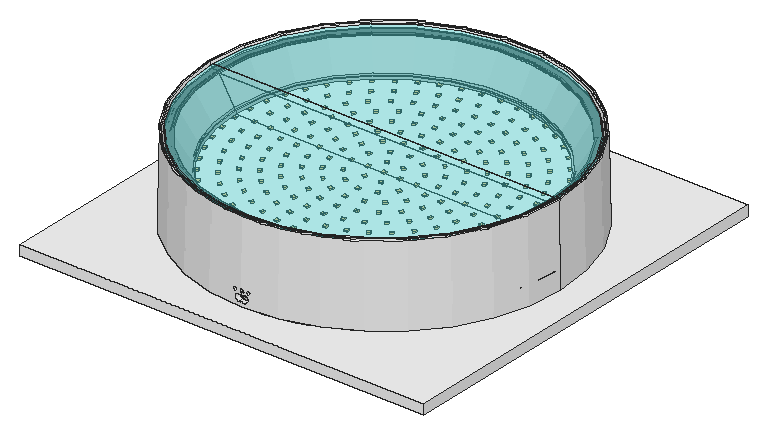
Revit family "BE_24649_de_DE", category Leuchten, Revit 2020
Family settings
  Basisbauteil = Fläche
  Bemaßung runder Anschluss = Durchmesser verwenden
  Teiletyp = Normal
  Beim Laden mit Abzugskörper schneiden = Ja
  Lichtquelle = Ja
  Gemeinsam genutzt = Nein
  Raumberechnungspunkt = Ja
Parameters (values of type "BEGA_24649_Weiß_K4")
  built-in parameter 1150104 = 17.299 (stored number, unit not read)
  Wattage = 37.7 W
  Default Elevation = 0 mm
  built-in parameter 1150113 = 1 (stored number, unit not read)
  built-in parameter 1114218 = 1 (stored number, unit not read)
  Umgebungstemperatur = "25 °C"
  URL = "https://www.bega.com/de/produkt/24649"
  Typenkommentare = "© 2022 BEGA. Wir behalten uns das Recht vor, technische Änderungen ohne vorherige Ankündigung vorzunehmen."  # constant formula
  built-in parameter 1150134 = 12
  built-in parameter 1150109 = 1 (stored number, unit not read)
  Strom = ""
  built-in parameter 1150110 = 1 (stored number, unit not read)
  Spannung = 239.996 V
  Sonderanfertigung = no
  Seriennummer [instance] = "Hier können Sie die eindeutige Seriennummer für das Facility Management eintragen."
  Schutzklasse = "I"
  Schutzart = "IP 65"
  Scheinlast = 0 VA
  Produktdatenblatt = "https://cdn.bega.com/bega/products/24649K4/current/documents/data-sheets/de"
  Oberflächentemperatur = ""
  Neigungswinkel = 0.00°
  Modell = "24649WK4"
  Material_20 = BEGA_Platte_Weiss
  Material_18 = BEGA_Gummi_schwarz
  Material_17 = BEGA_Reflektor
  Material_15 = BEGA_Leuchtmedium_matt
  Material_09 = BEGA_Glas_klar
  Material_06 = BEGA_Oberfläche_Edelstahl_gebürstet
  Material_03 = BEGA_Oberfläche_Weiss_matt
  Material_01 [instance] = BEGA_Oberfläche_Grafit_matt
  M_W = yes
  M_G = no
  M_A = no
  Logo = 0
  built-in parameter 1114217 = 1 (stored number, unit not read)
  built-in parameter 1150139 = (empty or 0)
  built-in parameter 1150105 = 558.64 (stored number, unit not read)
  built-in parameter 1150114 = 1 (stored number, unit not read)
  Lumens = 7020.12 lm
  built-in parameter 1150115 = 1 (stored number, unit not read)
  Leuchtenlichtstrom = "5721 lm"
  Leuchtenanzahl = ""
  Lebensdauerkriterien = "L70B50 @ 25 °C = 150000 h"
  Lastklassifizierung = Beleuchtung
  built-in parameter 1150112 = 1 (stored number, unit not read)
  Lampenlichtstrom = "7020 lm"
  Lampe = "LED 37.7 W"
  LED_Modulbezeichnung = "LED-1233/830"
  built-in parameter 1150142 = (empty or 0)
  Hersteller = "BEGA"  # constant formula
  Halbstreuwinkel = ""
  Gewicht = "4.75 kg"
  Gebrauchslageneinschränkung [instance] = ""
  Frequenz = "0/50-60 Hz"
  Farbwiedergabeindex = "CRI > 80"
  Farbtemperaturverschiebung bei Dämpfen der Lampe = <Keine Auswahl>
  Farbtemperatur = "4000 K"
  Color Filter = 16777215
  built-in parameter 1150133 = 10 (stored number, unit not read)
  Energieeffizienzklasse = "LED A++ - A"
  built-in parameter 1150137 = (empty or 0)
  built-in parameter 1150132 = (empty or 0)
  ENEC = ""
  Dimmbar [instance] = "DALI"
  Datei für fotometrisches Netz = "BE_24649K4.IES"
  CE_Konformität = "ja"
  Bestellnummer = "24649WK4"
  Beschreibung_Sonderanfertigung = "Hier können Sie Informationen zur Sonderanfertigung eintragen."
  Beschreibung = "Decken- und Wandleuchte"
  built-in parameter 1150106 = 5.5864 (stored number, unit not read)
  Befestigungsbohrung = "Ø 7 mm"
  Befestigungsabstand = "310 mm"
  Ballwurfsicher = ""
  BEGA_Intern_aus = yes
  BEGA_Intern_an = yes
  BEGA_Intern_Konstruktion = yes
  BEGA_Intern = yes
  BEGA_IES = yes
  BEGA_Dummy = no
  Anschlussleitung = ""
  Anschlussleistung [instance] = "41 W"
  Anschlusskasten = ""
  built-in parameter 1150107 = 4000 (stored number, unit not read)
  built-in parameter 1150102 = (empty or 0)
  built-in parameter 1150138 = (empty or 0)
  Aktualisierung = "2022-05-18T04:00:07"
  Abstand_zur_angestrahlten_Fläche [instance] = ""
  AC/DC = "AC/DC"
Reference planes
  plane 1 "Mitte (Vorne/Hinten)": y = 0
  plane 2: z = 0
  plane 3 "Mitte (Links/Rechts)": x = 0
  plane 4 "Links": x = -175.25
  plane 5 "Rechts": x = 175.25
  plane 6 "Unten": y = -175.25
  plane 7 "Oben": y = 175.25
  plane 8 "Vorne": z = 84.1
  plane 9 "Hinten": z = 0
Forms (mm)
  Extrusion 1, solid, material "BEGA_Platte_Weiss"
    sketch origin (0, -1119.2, 0) x (1, 0, 0) y (0, 1, 0)
      loop
        line (-200, 1319.2) -> (-200, 919.2) -> (200, 919.2) -> (200, 1319.2) -> (-200, 1319.2)
    from 0 to -10
  Extrusion 2, solid, material "BEGA_Dummy_matt", visible <- "BEGA_Dummy"
    sketch origin (77.149, -76.023, -2.183) x (1, 0, 0) y (0, 1, 0)
      loop
        circle (-77.149, 76.023) r 175.25
    from 2.283 to 86.283
Dimensions and locks
  plane 1 "Mitte (Vorne/Hinten)" to Extrusion 1 = 200 mm
  aligned and locked: Extrusion 1 to plane 2
  aligned and locked: level to Extrusion 1
Nested families
  nested 1: "BE_24649" at (0, 0, 0), type "BE_24649"
Connectors
  electrical at (0, 0, 0), driven by "Lastklassifizierung", driven by "Spannung", driven by "Scheinlast"
    settings: index 1, voltage 239.996 V, apparent load 0 VA, apparent load phase1 0 VA, apparent load phase2 0 VA, apparent load phase3 0 VA, power factor 1, load classification "Beleuchtung", number of poles 1, system type 31, power factor state 1, is connector primary yes, connector utility no, sub classification motor no, connector description ""
Definition of nested family "BE_24649"
  Parameters (values of type "BE_24649")
    Default Elevation = 1 mm
    URL = "http://www.bega.de/de/produkt"
    Type Comments = "© 2015 BEGA. Wir behalten uns das Recht vor, technische Änderungen ohne vorherige Ankündigung vorzunehmen. "  # constant formula
    Type Image = (empty or 0)
    Neigungswinkel_um_Z2 = 0.00°
    Neigungswinkel_um_Z1 = 0.00°
    Neigungswinkel_um_Y2 = 0.00°
    Neigungswinkel_um_Y1 = 0.00°
    Neigungswinkel_um_X2 = 0.00°
    Neigungswinkel_um_X1 = 0.00°
    Material_20 = none
    Material_18 = none
    Material_17 = none
    Material_15 = none
    Material_11 = none
    Material_09 = none
    Material_06 = none
    Material_03 = none
    Material_01 = none
    M_W = yes
    M_G = yes
    M_A = yes
    Länge_Platte = 400 mm  # constant formula
    Höhe_Platte = -10 mm  # constant formula
    Manufacturer = "BEGA"  # constant formula
    Drehwinkel_um_Z2 = 0.00°
    Drehwinkel_um_Z1 = 0.00°
    Breite_Platte = 400 mm  # constant formula
  Reference planes
    plane 1 "Mitte (Oben/Unten)": y = 0
    plane 2: z = 0
    plane 3 "Mitte (Links/Rechts)": x = 0
  Forms (mm)
    Extrusion 1, solid, detail levels medium
      sketch origin (0, 0, 0) x (1, 0, 0) y (0, 1, 0)
        loop
          line (-200, 200) -> (-200, -200) -> (200, -200) -> (200, 200) -> (-200, 200)
      from 0 to -10 <- "Höhe_Platte"
    Revolve 2, solid, material <- "Material_01", visible <- "M_G"
      sketch origin (0, 0, 0) x (1, 0, 0) y (0, 0, 1)
        loop
          line (-174.009, 83.61) -> (-175.396, 4.114) -> (-171.537, 4.114)
          arc (-171.537, 4.114) -> (-171.168, 4.263) -> (-171.006, 4.627) r 0.532
          line (-171.006, 4.627) -> (-170.5, 19.114) -> (-170.5, 20.614) -> (-169.25, 20.614)
          arc (-169.25, 20.614) -> (-168.896, 20.76) -> (-168.75, 21.114) r 0.5
          line (-168.75, 21.114) -> (-168.75, 22.614) -> (-168.5, 30.811) -> (-168.5, 76.914) -> (-165.2, 76.914) -> (-165.259, 78.614) -> (-170.5, 78.614) -> (-170.539, 79.72) -> (-171.981, 83.683)
          arc (-171.981, 83.683) -> (-172.221, 83.996) -> (-172.596, 84.114) r 0.654
          line (-172.596, 84.114) -> (-173.496, 84.114)
          arc (-173.496, 84.114) -> (-173.856, 83.967) -> (-174.009, 83.61) r 0.513
        axis (0, 84.114) -> (0, 4.114)
      angle from 0 to 360
    Revolve 3, solid, material <- "Material_09"
      sketch origin (0, 0, 0) x (1, 0, 0) y (0, 0, 1)
        loop
          line (0, 83.124) -> (-169.408, 83.124) -> (-170, 82.532) -> (-170, 79.114) -> (-164.5, 79.114) -> (-164.5, 77.096) -> (0, 77.096) -> (0, 83.124)
        axis (0, 83.124) -> (0, 77.096)
      angle from 0 to 360
    Revolve 4, solid, material <- "Material_01", visible <- "M_G"
      sketch origin (0, 0, 0) x (1, 0, 0) y (0, 0, 1)
        loop
          line (-169.587, 1) -> (-167.551, 1)
          arc (-167.551, 1) -> (-166.857, 1.28) -> (-166.552, 1.963) r 1
          line (-166.552, 1.963) -> (-166.479, 4.036)
          arc (-166.479, 4.036) -> (-166.174, 4.72) -> (-165.48, 5) r 1
          line (-165.48, 5) -> (0, 5) -> (0, 8) -> (-160.237, 8)
          arc (-160.237, 8) -> (-160.931, 8.28) -> (-161.236, 8.964) r 1
          line (-161.236, 8.964) -> (-161.527, 17.289)
          arc (-161.527, 17.289) -> (-161.673, 17.775) -> (-162.039, 18.127) r 1
          arc (-162.039, 18.127) -> (-162.405, 18.478) -> (-162.551, 18.963) r 1
          line (-162.551, 18.963) -> (-162.693, 23.034)
          arc (-162.693, 23.034) -> (-162.998, 23.719) -> (-163.693, 24) r 1
          line (-163.693, 24) -> (-165.807, 24)
          arc (-165.807, 24) -> (-166.684, 23.481) -> (-166.651, 22.463) r 1
          arc (-166.651, 22.463) -> (-164.359, 19.525) -> (-167.1, 17) r 2.75
          line (-167.1, 17) -> (-169.029, 17) -> (-169.587, 1)
        axis (0, 24) -> (0, 1)
      angle from 0 to 360
    Revolve 5, solid, material <- "Material_17"
      sketch origin (0, 0, 0) x (1, 0, 0) y (0, 0, 1)
        loop
          line (-162.923, 77.096) -> (-164.087, 77.096) -> (-148.75, 51.319) -> (-148.75, 49.314) -> (-154.5, 49.314) -> (-154.5, 48.314) -> (-147.25, 48.314) -> (-146.5, 47.314) -> (-146.5, 49.814) -> (-148, 49.814) -> (-148, 52.014) -> (-162.923, 77.096)
        axis (0, 77.096) -> (0, 47.314)
      angle from 0 to 360
    Revolve 6, solid, material <- "Material_20"
      sketch origin (0, 0, 0) x (1, 0, 0) y (0, 0, 1)
        loop
          line (-167, 45.014) -> (-167, 42.014) -> (0, 42.014) -> (0, 46.564) -> (-156.668, 46.564) -> (-156.668, 45.014) -> (-167, 45.014)
        axis (0, 46.564) -> (0, 42.014)
      angle from 0 to 360
    Revolve 7, solid, material <- "Material_18"
      sketch origin (0, 0, 0) x (1, 0, 0) y (0, 0, 1)
        loop
          arc (-170.15, 20.614) -> (-169.689, 18.215) -> (-167.5, 17.129) r 2.75
          arc (-167.5, 17.129) -> (-165.555, 17.935) -> (-164.75, 19.879) r 2.75
          arc (-164.75, 19.879) -> (-166.064, 22.225) -> (-168.75, 22.329) r 2.75
          line (-168.75, 22.329) -> (-168.75, 21.114)
          arc (-168.75, 21.114) -> (-168.896, 20.76) -> (-169.25, 20.614) r 0.5
          line (-169.25, 20.614) -> (-170.15, 20.614)
        axis (0, 22.329) -> (0, 17.129)
      angle from 0 to 360
    Revolve 8, solid, material <- "Material_18"
      sketch origin (0, 0, 0) x (1, 0, 0) y (0, 0, 1)
        loop
          line (-170, 79.114) -> (-170, 78.309) -> (-162.999, 78.309) -> (-162.999, 79.114) -> (-170, 79.114)
        axis (0, 79.114) -> (0, 78.114)
      angle from 0 to 360
    Extrusion 9, solid, material <- "Material_01", visible <- "M_G"
      sketch origin (0, 0, 0) x (1, 0, 0) y (0, 1, 0)
        loop
          circle (-155, 0) r 7.009
        loop
          circle (155, 0) r 7.009
      from 0 to 5
    Extrusion 10, void
      sketch origin (0, 0, 0) x (1, 0, 0) y (0, 1, 0)
        loop
          circle (-155, 0) r 3.454
        loop
          circle (155, 0) r 3.454
      from 0 to 8.915
    Revolve 11, void
      sketch origin (0, 0, 0) x (0, 1, 0) y (0, 0, 1)
        loop
          line (-177.169, 18.614) -> (-173.187, 18.614) -> (-173.187, 20.114) -> (-177.169, 20.114) -> (-177.169, 18.614)
        axis (-177.169, 18.614) -> (-173.187, 18.614)
      angle from 0 to 360
    Revolve 12, void
      sketch origin (6.5, 0, 0) x (0, 1, 0) y (0, 0, 1)
        loop
          line (-177.169, 18.614) -> (-173.187, 18.614) -> (-173.187, 20.114) -> (-177.169, 20.114) -> (-177.169, 18.614)
        axis (-177.169, 18.614) -> (-173.187, 18.614)
      angle from 0 to 360
    Revolve 13, void
      sketch origin (-6.5, 0, 0) x (0, 1, 0) y (0, 0, -1)
        loop
          line (-177.169, -18.614) -> (-177.169, -20.114) -> (-173.187, -20.114) -> (-173.187, -18.614) -> (-177.169, -18.614)
        axis (-177.169, -18.614) -> (-173.187, -18.614)
      angle from 0 to 360
    Extrusion 14, void
      sketch origin (0, 0, 0) x (1, 0, 0) y (0, 0, 1)
        loop
          line (3.25, 15.114) -> (-3.25, 15.114)
          arc (-3.25, 15.114) -> (-6.5, 11.864) -> (-3.25, 8.614) r 3.25
          line (-3.25, 8.614) -> (3.25, 8.614)
          arc (3.25, 8.614) -> (6.5, 11.864) -> (3.25, 15.114) r 3.25
      from 169.833 to 176.784
    Extrusion 15, solid, material <- "Material_06"
      sketch origin (0, 0, 0) x (1, 0, 0) y (0, 0, 1)
        loop
          circle (0, 11.864) r 3
      from 160.709 to 170.413
    Extrusion 16, void
      sketch origin (0, 0, 0) x (1, 0, 0) y (0, 0, 1)
        loop
          line (0, 13.864) -> (-1.732, 12.864) -> (-1.732, 10.864) -> (0, 9.864) -> (1.732, 10.864) -> (1.732, 12.864) -> (0, 13.864)
      from 165.139 to 173.187
    Extrusion 17, void
      sketch origin (0, 0, 0) x (1, 0, 0) y (0, 0, 1)
        loop
          circle (0, 11.864) r 3
      from 148.034 to 173.187
    Extrusion 18, solid, material <- "Material_15"
      sketch origin (0, 0, 0) x (1, 0, 0) y (0, 1, 0)
        loop
          line (-1.6, 1.4) -> (-1.6, -1.4) -> (1.6, -1.4) -> (1.6, 1.4) -> (-1.6, 1.4)
      from 45.014 to 47.244
    Extrusion 19, solid, material <- "Material_15"
      sketch origin (0, 0, 0) x (1, 0, 0) y (0, 1, 0)
        loop
          line (-17.4, -1.6) -> (-14.6, -1.6) -> (-14.6, 1.6) -> (-17.4, 1.6) -> (-17.4, -1.6)
        loop
          line (-33.4, -1.6) -> (-30.6, -1.6) -> (-30.6, 1.6) -> (-33.4, 1.6) -> (-33.4, -1.6)
        loop
          line (-29.725, 15.314) -> (-27.3, 13.914) -> (-25.7, 16.686) -> (-28.125, 18.086) -> (-29.725, 15.314)
      from 45.014 to 47.314
    Extrusion 20, solid, material <- "Material_15"
      sketch origin (0, 0, 0) x (0.5, -0.866025, 0) y (0.866025, 0.5, 0)
        loop
          line (-17.4, -1.6) -> (-14.6, -1.6) -> (-14.6, 1.6) -> (-17.4, 1.6) -> (-17.4, -1.6)
        loop
          line (-33.4, -1.6) -> (-30.6, -1.6) -> (-30.6, 1.6) -> (-33.4, 1.6) -> (-33.4, -1.6)
        loop
          line (-29.725, 15.314) -> (-27.3, 13.914) -> (-25.7, 16.686) -> (-28.125, 18.086) -> (-29.725, 15.314)
      from 45.014 to 47.314
    Extrusion 21, solid, material <- "Material_15"
      sketch origin (0, 0, 0) x (-0.5, -0.866026, 0) y (0.866026, -0.5, 0)
        loop
          line (-17.4, -1.6) -> (-14.6, -1.6) -> (-14.6, 1.6) -> (-17.4, 1.6) -> (-17.4, -1.6)
        loop
          line (-33.4, -1.6) -> (-30.6, -1.6) -> (-30.6, 1.6) -> (-33.4, 1.6) -> (-33.4, -1.6)
        loop
          line (-29.725, 15.314) -> (-27.3, 13.914) -> (-25.7, 16.686) -> (-28.125, 18.086) -> (-29.725, 15.314)
      from 45.014 to 47.314
    Extrusion 22, solid, material <- "Material_15"
      sketch origin (0, 0, 0) x (-1, -0.000001, 0) y (0.000001, -1, 0)
        loop
          line (-17.4, -1.6) -> (-14.6, -1.6) -> (-14.6, 1.6) -> (-17.4, 1.6) -> (-17.4, -1.6)
        loop
          line (-33.4, -1.6) -> (-30.6, -1.6) -> (-30.6, 1.6) -> (-33.4, 1.6) -> (-33.4, -1.6)
        loop
          line (-29.725, 15.314) -> (-27.3, 13.914) -> (-25.7, 16.686) -> (-28.125, 18.086) -> (-29.725, 15.314)
      from 45.014 to 47.314
    Extrusion 23, solid, material <- "Material_15"
      sketch origin (0, 0, 0) x (-0.500001, 0.866025, 0) y (-0.866025, -0.500001, 0)
        loop
          line (-17.4, -1.6) -> (-14.6, -1.6) -> (-14.6, 1.6) -> (-17.4, 1.6) -> (-17.4, -1.6)
        loop
          line (-33.4, -1.6) -> (-30.6, -1.6) -> (-30.6, 1.6) -> (-33.4, 1.6) -> (-33.4, -1.6)
        loop
          line (-29.725, 15.314) -> (-27.3, 13.914) -> (-25.7, 16.686) -> (-28.125, 18.086) -> (-29.725, 15.314)
      from 45.014 to 47.314
    Extrusion 24, solid, material <- "Material_15"
      sketch origin (0, 0, 0) x (0.499999, 0.866026, 0) y (-0.866026, 0.499999, 0)
        loop
          line (-17.4, -1.6) -> (-14.6, -1.6) -> (-14.6, 1.6) -> (-17.4, 1.6) -> (-17.4, -1.6)
        loop
          line (-33.4, -1.6) -> (-30.6, -1.6) -> (-30.6, 1.6) -> (-33.4, 1.6) -> (-33.4, -1.6)
        loop
          line (-29.725, 15.314) -> (-27.3, 13.914) -> (-25.7, 16.686) -> (-28.125, 18.086) -> (-29.725, 15.314)
      from 45.014 to 47.314
    Extrusion 25, solid, material <- "Material_15"
      sketch origin (0, 0, 0) x (1, 0, 0) y (0, 1, 0)
        loop
          line (-1.6, 49.4) -> (-1.6, 46.6) -> (1.6, 46.6) -> (1.6, 49.4) -> (-1.6, 49.4)
      from 45.014 to 47.244
    Extrusion 26, solid, material <- "Material_15"
      sketch origin (0, 0, 0) x (0.939693, -0.34202, 0) y (0.34202, 0.939693, 0)
        loop
          line (-1.6, 49.4) -> (-1.6, 46.6) -> (1.6, 46.6) -> (1.6, 49.4) -> (-1.6, 49.4)
      from 45.014 to 47.244
    Extrusion 27, solid, material <- "Material_15"
      sketch origin (0, 0, 0) x (0.766044, -0.642788, 0) y (0.642788, 0.766044, 0)
        loop
          line (-1.6, 49.4) -> (-1.6, 46.6) -> (1.6, 46.6) -> (1.6, 49.4) -> (-1.6, 49.4)
      from 45.014 to 47.244
    Extrusion 28, solid, material <- "Material_15"
      sketch origin (0, 0, 0) x (0.5, -0.866025, 0) y (0.866025, 0.5, 0)
        loop
          line (-1.6, 49.4) -> (-1.6, 46.6) -> (1.6, 46.6) -> (1.6, 49.4) -> (-1.6, 49.4)
      from 45.014 to 47.244
    Extrusion 29, solid, material <- "Material_15"
      sketch origin (0, 0, 0) x (0.173648, -0.984808, 0) y (0.984808, 0.173648, 0)
        loop
          line (-1.6, 49.4) -> (-1.6, 46.6) -> (1.6, 46.6) -> (1.6, 49.4) -> (-1.6, 49.4)
      from 45.014 to 47.244
    Extrusion 30, solid, material <- "Material_15"
      sketch origin (0, 0, 0) x (-0.173648, -0.984808, 0) y (0.984808, -0.173648, 0)
        loop
          line (-1.6, 49.4) -> (-1.6, 46.6) -> (1.6, 46.6) -> (1.6, 49.4) -> (-1.6, 49.4)
      from 45.014 to 47.244
    Extrusion 31, solid, material <- "Material_15"
      sketch origin (0, 0, 0) x (-0.5, -0.866025, 0) y (0.866025, -0.5, 0)
        loop
          line (-1.6, 49.4) -> (-1.6, 46.6) -> (1.6, 46.6) -> (1.6, 49.4) -> (-1.6, 49.4)
      from 45.014 to 47.244
    Extrusion 32, solid, material <- "Material_15"
      sketch origin (0, 0, 0) x (-0.766045, -0.642787, 0) y (0.642787, -0.766045, 0)
        loop
          line (-1.6, 49.4) -> (-1.6, 46.6) -> (1.6, 46.6) -> (1.6, 49.4) -> (-1.6, 49.4)
      from 45.014 to 47.244
    Extrusion 33, solid, material <- "Material_15"
      sketch origin (0, 0, 0) x (-0.939693, -0.34202, 0) y (0.34202, -0.939693, 0)
        loop
          line (-1.6, 49.4) -> (-1.6, 46.6) -> (1.6, 46.6) -> (1.6, 49.4) -> (-1.6, 49.4)
      from 45.014 to 47.244
    Extrusion 34, solid, material <- "Material_15"
      sketch origin (0, 0, 0) x (-1, 0, 0) y (0, -1, 0)
        loop
          line (-1.6, 49.4) -> (-1.6, 46.6) -> (1.6, 46.6) -> (1.6, 49.4) -> (-1.6, 49.4)
      from 45.014 to 47.244
    Extrusion 35, solid, material <- "Material_15"
      sketch origin (0, 0, 0) x (-0.939692, 0.342021, 0) y (-0.342021, -0.939692, 0)
        loop
          line (-1.6, 49.4) -> (-1.6, 46.6) -> (1.6, 46.6) -> (1.6, 49.4) -> (-1.6, 49.4)
      from 45.014 to 47.244
    Extrusion 36, solid, material <- "Material_15"
      sketch origin (0, 0, 0) x (-0.766044, 0.642788, 0) y (-0.642788, -0.766044, 0)
        loop
          line (-1.6, 49.4) -> (-1.6, 46.6) -> (1.6, 46.6) -> (1.6, 49.4) -> (-1.6, 49.4)
      from 45.014 to 47.244
    Extrusion 37, solid, material <- "Material_15"
      sketch origin (0, 0, 0) x (-0.499999, 0.866026, 0) y (-0.866026, -0.499999, 0)
        loop
          line (-1.6, 49.4) -> (-1.6, 46.6) -> (1.6, 46.6) -> (1.6, 49.4) -> (-1.6, 49.4)
      from 45.014 to 47.244
    Extrusion 38, solid, material <- "Material_15"
      sketch origin (0, 0, 0) x (-0.173648, 0.984808, 0) y (-0.984808, -0.173648, 0)
        loop
          line (-1.6, 49.4) -> (-1.6, 46.6) -> (1.6, 46.6) -> (1.6, 49.4) -> (-1.6, 49.4)
      from 45.014 to 47.244
    Extrusion 39, solid, material <- "Material_15"
      sketch origin (0, 0, 0) x (0.173649, 0.984808, 0) y (-0.984808, 0.173649, 0)
        loop
          line (-1.6, 49.4) -> (-1.6, 46.6) -> (1.6, 46.6) -> (1.6, 49.4) -> (-1.6, 49.4)
      from 45.014 to 47.244
    Extrusion 40, solid, material <- "Material_15"
      sketch origin (0, 0, 0) x (0.500001, 0.866025, 0) y (-0.866025, 0.500001, 0)
        loop
          line (-1.6, 49.4) -> (-1.6, 46.6) -> (1.6, 46.6) -> (1.6, 49.4) -> (-1.6, 49.4)
      from 45.014 to 47.244
    Extrusion 41, solid, material <- "Material_15"
      sketch origin (0, 0, 0) x (0.766045, 0.642787, 0) y (-0.642787, 0.766045, 0)
        loop
          line (-1.6, 49.4) -> (-1.6, 46.6) -> (1.6, 46.6) -> (1.6, 49.4) -> (-1.6, 49.4)
      from 45.014 to 47.244
    Extrusion 42, solid, material <- "Material_15"
      sketch origin (0, 0, 0) x (0.939693, 0.342019, 0) y (-0.342019, 0.939693, 0)
        loop
          line (-1.6, 49.4) -> (-1.6, 46.6) -> (1.6, 46.6) -> (1.6, 49.4) -> (-1.6, 49.4)
      from 45.014 to 47.244
    Extrusion 43, solid, material <- "Material_15"
      sketch origin (0, 0, 0) x (1, 0, 0) y (0, 1, 0)
        loop
          line (-65.4, -1.6) -> (-62.6, -1.6) -> (-62.6, 1.6) -> (-65.4, 1.6) -> (-65.4, -1.6)
      from 45.014 to 47.314
    Extrusion 44, solid, material <- "Material_15"
      sketch origin (0, 0, 0) x (0.962917, -0.269797, 0) y (0.269797, 0.962917, 0)
        loop
          line (-65.4, -1.6) -> (-62.6, -1.6) -> (-62.6, 1.6) -> (-65.4, 1.6) -> (-65.4, -1.6)
      from 45.014 to 47.314
    Extrusion 45, solid, material <- "Material_15"
      sketch origin (0, 0, 0) x (0.85442, -0.519584, 0) y (0.519584, 0.85442, 0)
        loop
          line (-65.4, -1.6) -> (-62.6, -1.6) -> (-62.6, 1.6) -> (-65.4, 1.6) -> (-65.4, -1.6)
      from 45.014 to 47.314
    Extrusion 46, solid, material <- "Material_15"
      sketch origin (0, 0, 0) x (0.682554, -0.730836, 0) y (0.730836, 0.682554, 0)
        loop
          line (-65.4, -1.6) -> (-62.6, -1.6) -> (-62.6, 1.6) -> (-65.4, 1.6) -> (-65.4, -1.6)
      from 45.014 to 47.314
    Extrusion 47, solid, material <- "Material_15"
      sketch origin (0, 0, 0) x (0.460066, -0.887885, 0) y (0.887885, 0.460066, 0)
        loop
          line (-65.4, -1.6) -> (-62.6, -1.6) -> (-62.6, 1.6) -> (-65.4, 1.6) -> (-65.4, -1.6)
      from 45.014 to 47.314
    Extrusion 48, solid, material <- "Material_15"
      sketch origin (0, 0, 0) x (0.203457, -0.979084, 0) y (0.979084, 0.203457, 0)
        loop
          line (-65.4, -1.6) -> (-62.6, -1.6) -> (-62.6, 1.6) -> (-65.4, 1.6) -> (-65.4, -1.6)
      from 45.014 to 47.314
    Extrusion 49, solid, material <- "Material_15"
      sketch origin (0, 0, 0) x (-0.068241, -0.997669, 0) y (0.997669, -0.068241, 0)
        loop
          line (-65.4, -1.6) -> (-62.6, -1.6) -> (-62.6, 1.6) -> (-65.4, 1.6) -> (-65.4, -1.6)
      from 45.014 to 47.314
    Extrusion 50, solid, material <- "Material_15"
      sketch origin (0, 0, 0) x (-0.334878, -0.942261, 0) y (0.942261, -0.334878, 0)
        loop
          line (-65.4, -1.6) -> (-62.6, -1.6) -> (-62.6, 1.6) -> (-65.4, 1.6) -> (-65.4, -1.6)
      from 45.014 to 47.314
    Extrusion 51, solid, material <- "Material_15"
      sketch origin (0, 0, 0) x (-0.576679, -0.816971, 0) y (0.816971, -0.576679, 0)
        loop
          line (-65.4, -1.6) -> (-62.6, -1.6) -> (-62.6, 1.6) -> (-65.4, 1.6) -> (-65.4, -1.6)
      from 45.014 to 47.314
    Extrusion 52, solid, material <- "Material_15"
      sketch origin (0, 0, 0) x (-0.77571, -0.631089, 0) y (0.631089, -0.77571, 0)
        loop
          line (-65.4, -1.6) -> (-62.6, -1.6) -> (-62.6, 1.6) -> (-65.4, 1.6) -> (-65.4, -1.6)
      from 45.014 to 47.314
    Extrusion 53, solid, material <- "Material_15"
      sketch origin (0, 0, 0) x (-0.917211, -0.398403, 0) y (0.398403, -0.917211, 0)
        loop
          line (-65.4, -1.6) -> (-62.6, -1.6) -> (-62.6, 1.6) -> (-65.4, 1.6) -> (-65.4, -1.6)
      from 45.014 to 47.314
    Extrusion 54, solid, material <- "Material_15"
      sketch origin (0, 0, 0) x (-0.990686, -0.136169, 0) y (0.136169, -0.990686, 0)
        loop
          line (-65.4, -1.6) -> (-62.6, -1.6) -> (-62.6, 1.6) -> (-65.4, 1.6) -> (-65.4, -1.6)
      from 45.014 to 47.314
    Extrusion 55, solid, material <- "Material_15"
      sketch origin (0, 0, 0) x (-0.990686, 0.136164, 0) y (-0.136164, -0.990686, 0)
        loop
          line (-65.4, -1.6) -> (-62.6, -1.6) -> (-62.6, 1.6) -> (-65.4, 1.6) -> (-65.4, -1.6)
      from 45.014 to 47.314
    Extrusion 56, solid, material <- "Material_15"
      sketch origin (0, 0, 0) x (-0.917212, 0.398399, 0) y (-0.398399, -0.917212, 0)
        loop
          line (-65.4, -1.6) -> (-62.6, -1.6) -> (-62.6, 1.6) -> (-65.4, 1.6) -> (-65.4, -1.6)
      from 45.014 to 47.314
    Extrusion 57, solid, material <- "Material_15"
      sketch origin (0, 0, 0) x (-0.775713, 0.631086, 0) y (-0.631086, -0.775713, 0)
        loop
          line (-65.4, -1.6) -> (-62.6, -1.6) -> (-62.6, 1.6) -> (-65.4, 1.6) -> (-65.4, -1.6)
      from 45.014 to 47.314
    Extrusion 58, solid, material <- "Material_15"
      sketch origin (0, 0, 0) x (-0.576683, 0.816968, 0) y (-0.816968, -0.576683, 0)
        loop
          line (-65.4, -1.6) -> (-62.6, -1.6) -> (-62.6, 1.6) -> (-65.4, 1.6) -> (-65.4, -1.6)
      from 45.014 to 47.314
    Extrusion 59, solid, material <- "Material_15"
      sketch origin (0, 0, 0) x (-0.334882, 0.94226, 0) y (-0.94226, -0.334882, 0)
        loop
          line (-65.4, -1.6) -> (-62.6, -1.6) -> (-62.6, 1.6) -> (-65.4, 1.6) -> (-65.4, -1.6)
      from 45.014 to 47.314
    Extrusion 60, solid, material <- "Material_15"
      sketch origin (0, 0, 0) x (-0.068246, 0.997669, 0) y (-0.997669, -0.068246, 0)
        loop
          line (-65.4, -1.6) -> (-62.6, -1.6) -> (-62.6, 1.6) -> (-65.4, 1.6) -> (-65.4, -1.6)
      from 45.014 to 47.314
    Extrusion 61, solid, material <- "Material_15"
      sketch origin (0, 0, 0) x (0.203453, 0.979085, 0) y (-0.979085, 0.203453, 0)
        loop
          line (-65.4, -1.6) -> (-62.6, -1.6) -> (-62.6, 1.6) -> (-65.4, 1.6) -> (-65.4, -1.6)
      from 45.014 to 47.314
    Extrusion 62, solid, material <- "Material_15"
      sketch origin (0, 0, 0) x (0.460062, 0.887887, 0) y (-0.887887, 0.460062, 0)
        loop
          line (-65.4, -1.6) -> (-62.6, -1.6) -> (-62.6, 1.6) -> (-65.4, 1.6) -> (-65.4, -1.6)
      from 45.014 to 47.314
    Extrusion 63, solid, material <- "Material_15"
      sketch origin (0, 0, 0) x (0.68255, 0.730838, 0) y (-0.730838, 0.68255, 0)
        loop
          line (-65.4, -1.6) -> (-62.6, -1.6) -> (-62.6, 1.6) -> (-65.4, 1.6) -> (-65.4, -1.6)
      from 45.014 to 47.314
    Extrusion 64, solid, material <- "Material_15"
      sketch origin (0, 0, 0) x (0.854417, 0.519587, 0) y (-0.519587, 0.854417, 0)
        loop
          line (-65.4, -1.6) -> (-62.6, -1.6) -> (-62.6, 1.6) -> (-65.4, 1.6) -> (-65.4, -1.6)
      from 45.014 to 47.314
    Extrusion 65, solid, material <- "Material_15"
      sketch origin (0, 0, 0) x (0.962916, 0.269801, 0) y (-0.269801, 0.962916, 0)
        loop
          line (-65.4, -1.6) -> (-62.6, -1.6) -> (-62.6, 1.6) -> (-65.4, 1.6) -> (-65.4, -1.6)
      from 45.014 to 47.314
    Extrusion 66, solid, material <- "Material_15"
      sketch origin (0, 0, 0) x (1, 0, 0) y (0, 1, 0)
        loop
          line (78.6, 1.6) -> (78.6, -1.6) -> (81.4, -1.6) -> (81.4, 1.6) -> (78.6, 1.6)
      from 45.014 to 47.314
    Extrusion 67, solid, material <- "Material_15"
      sketch origin (0, 0, 0) x (0.976621, -0.21497, 0) y (0.21497, 0.976621, 0)
        loop
          line (78.6, 1.6) -> (78.6, -1.6) -> (81.4, -1.6) -> (81.4, 1.6) -> (78.6, 1.6)
      from 45.014 to 47.314
    Extrusion 68, solid, material <- "Material_15"
      sketch origin (0, 0, 0) x (0.907575, -0.419889, 0) y (0.419889, 0.907575, 0)
        loop
          line (78.6, 1.6) -> (78.6, -1.6) -> (81.4, -1.6) -> (81.4, 1.6) -> (78.6, 1.6)
      from 45.014 to 47.314
    Extrusion 69, solid, material <- "Material_15"
      sketch origin (0, 0, 0) x (0.796093, -0.605174, 0) y (0.605174, 0.796093, 0)
        loop
          line (78.6, 1.6) -> (78.6, -1.6) -> (81.4, -1.6) -> (81.4, 1.6) -> (78.6, 1.6)
      from 45.014 to 47.314
    Extrusion 70, solid, material <- "Material_15"
      sketch origin (0, 0, 0) x (0.647386, -0.762162, 0) y (0.762162, 0.647386, 0)
        loop
          line (78.6, 1.6) -> (78.6, -1.6) -> (81.4, -1.6) -> (81.4, 1.6) -> (78.6, 1.6)
      from 45.014 to 47.314
    Extrusion 71, solid, material <- "Material_15"
      sketch origin (0, 0, 0) x (0.468408, -0.883512, 0) y (0.883512, 0.468408, 0)
        loop
          line (78.6, 1.6) -> (78.6, -1.6) -> (81.4, -1.6) -> (81.4, 1.6) -> (78.6, 1.6)
      from 45.014 to 47.314
    Extrusion 72, solid, material <- "Material_15"
      sketch origin (0, 0, 0) x (0.267528, -0.96355, 0) y (0.96355, 0.267528, 0)
        loop
          line (78.6, 1.6) -> (78.6, -1.6) -> (81.4, -1.6) -> (81.4, 1.6) -> (78.6, 1.6)
      from 45.014 to 47.314
    Extrusion 73, solid, material <- "Material_15"
      sketch origin (0, 0, 0) x (0.054139, -0.998533, 0) y (0.998533, 0.054139, 0)
        loop
          line (78.6, 1.6) -> (78.6, -1.6) -> (81.4, -1.6) -> (81.4, 1.6) -> (78.6, 1.6)
      from 45.014 to 47.314
    Extrusion 74, solid, material <- "Material_15"
      sketch origin (0, 0, 0) x (-0.161782, -0.986826, 0) y (0.986826, -0.161782, 0)
        loop
          line (78.6, 1.6) -> (78.6, -1.6) -> (81.4, -1.6) -> (81.4, 1.6) -> (78.6, 1.6)
      from 45.014 to 47.314
    Extrusion 75, solid, material <- "Material_15"
      sketch origin (0, 0, 0) x (-0.370138, -0.928977, 0) y (0.928977, -0.370138, 0)
        loop
          line (78.6, 1.6) -> (78.6, -1.6) -> (81.4, -1.6) -> (81.4, 1.6) -> (78.6, 1.6)
      from 45.014 to 47.314
    Extrusion 76, solid, material <- "Material_15"
      sketch origin (0, 0, 0) x (-0.561187, -0.827689, 0) y (0.827689, -0.561187, 0)
        loop
          line (78.6, 1.6) -> (78.6, -1.6) -> (81.4, -1.6) -> (81.4, 1.6) -> (78.6, 1.6)
      from 45.014 to 47.314
    Extrusion 77, solid, material <- "Material_15"
      sketch origin (0, 0, 0) x (-0.725996, -0.687699, 0) y (0.687699, -0.725996, 0)
        loop
          line (78.6, 1.6) -> (78.6, -1.6) -> (81.4, -1.6) -> (81.4, 1.6) -> (78.6, 1.6)
      from 45.014 to 47.314
    Extrusion 78, solid, material <- "Material_15"
      sketch origin (0, 0, 0) x (-0.856857, -0.515554, 0) y (0.515554, -0.856857, 0)
        loop
          line (78.6, 1.6) -> (78.6, -1.6) -> (81.4, -1.6) -> (81.4, 1.6) -> (78.6, 1.6)
      from 45.014 to 47.314
    Extrusion 79, solid, material <- "Material_15"
      sketch origin (0, 0, 0) x (-0.947653, -0.319301, 0) y (0.319301, -0.947653, 0)
        loop
          line (78.6, 1.6) -> (78.6, -1.6) -> (81.4, -1.6) -> (81.4, 1.6) -> (78.6, 1.6)
      from 45.014 to 47.314
    Extrusion 80, solid, material <- "Material_15"
      sketch origin (0, 0, 0) x (-0.994138, -0.108119, 0) y (0.108119, -0.994138, 0)
        loop
          line (78.6, 1.6) -> (78.6, -1.6) -> (81.4, -1.6) -> (81.4, 1.6) -> (78.6, 1.6)
      from 45.014 to 47.314
    Extrusion 81, solid, material <- "Material_15"
      sketch origin (0, 0, 0) x (-0.994138, 0.108119, 0) y (-0.108119, -0.994138, 0)
        loop
          line (78.6, 1.6) -> (78.6, -1.6) -> (81.4, -1.6) -> (81.4, 1.6) -> (78.6, 1.6)
      from 45.014 to 47.314
    Extrusion 82, solid, material <- "Material_15"
      sketch origin (0, 0, 0) x (-0.947653, 0.319302, 0) y (-0.319302, -0.947653, 0)
        loop
          line (78.6, 1.6) -> (78.6, -1.6) -> (81.4, -1.6) -> (81.4, 1.6) -> (78.6, 1.6)
      from 45.014 to 47.314
    Extrusion 83, solid, material <- "Material_15"
      sketch origin (0, 0, 0) x (-0.856857, 0.515554, 0) y (-0.515554, -0.856857, 0)
        loop
          line (78.6, 1.6) -> (78.6, -1.6) -> (81.4, -1.6) -> (81.4, 1.6) -> (78.6, 1.6)
      from 45.014 to 47.314
    Extrusion 84, solid, material <- "Material_15"
      sketch origin (0, 0, 0) x (-0.725995, 0.6877, 0) y (-0.6877, -0.725995, 0)
        loop
          line (78.6, 1.6) -> (78.6, -1.6) -> (81.4, -1.6) -> (81.4, 1.6) -> (78.6, 1.6)
      from 45.014 to 47.314
    Extrusion 85, solid, material <- "Material_15"
      sketch origin (0, 0, 0) x (-0.561187, 0.827689, 0) y (-0.827689, -0.561187, 0)
        loop
          line (78.6, 1.6) -> (78.6, -1.6) -> (81.4, -1.6) -> (81.4, 1.6) -> (78.6, 1.6)
      from 45.014 to 47.314
    Extrusion 86, solid, material <- "Material_15"
      sketch origin (0, 0, 0) x (-0.370138, 0.928977, 0) y (-0.928977, -0.370138, 0)
        loop
          line (78.6, 1.6) -> (78.6, -1.6) -> (81.4, -1.6) -> (81.4, 1.6) -> (78.6, 1.6)
      from 45.014 to 47.314
    Extrusion 87, solid, material <- "Material_15"
      sketch origin (0, 0, 0) x (-0.161781, 0.986827, 0) y (-0.986827, -0.161781, 0)
        loop
          line (78.6, 1.6) -> (78.6, -1.6) -> (81.4, -1.6) -> (81.4, 1.6) -> (78.6, 1.6)
      from 45.014 to 47.314
    Extrusion 88, solid, material <- "Material_15"
      sketch origin (0, 0, 0) x (0.05414, 0.998533, 0) y (-0.998533, 0.05414, 0)
        loop
          line (78.6, 1.6) -> (78.6, -1.6) -> (81.4, -1.6) -> (81.4, 1.6) -> (78.6, 1.6)
      from 45.014 to 47.314
    Extrusion 89, solid, material <- "Material_15"
      sketch origin (0, 0, 0) x (0.267529, 0.96355, 0) y (-0.96355, 0.267529, 0)
        loop
          line (78.6, 1.6) -> (78.6, -1.6) -> (81.4, -1.6) -> (81.4, 1.6) -> (78.6, 1.6)
      from 45.014 to 47.314
    Extrusion 90, solid, material <- "Material_15"
      sketch origin (0, 0, 0) x (0.468409, 0.883512, 0) y (-0.883512, 0.468409, 0)
        loop
          line (78.6, 1.6) -> (78.6, -1.6) -> (81.4, -1.6) -> (81.4, 1.6) -> (78.6, 1.6)
      from 45.014 to 47.314
    Extrusion 91, solid, material <- "Material_15"
      sketch origin (0, 0, 0) x (0.647387, 0.762162, 0) y (-0.762162, 0.647387, 0)
        loop
          line (78.6, 1.6) -> (78.6, -1.6) -> (81.4, -1.6) -> (81.4, 1.6) -> (78.6, 1.6)
      from 45.014 to 47.314
    Extrusion 92, solid, material <- "Material_15"
      sketch origin (0, 0, 0) x (0.796094, 0.605174, 0) y (-0.605174, 0.796094, 0)
        loop
          line (78.6, 1.6) -> (78.6, -1.6) -> (81.4, -1.6) -> (81.4, 1.6) -> (78.6, 1.6)
      from 45.014 to 47.314
    Extrusion 93, solid, material <- "Material_15"
      sketch origin (0, 0, 0) x (0.907576, 0.419888, 0) y (-0.419888, 0.907576, 0)
        loop
          line (78.6, 1.6) -> (78.6, -1.6) -> (81.4, -1.6) -> (81.4, 1.6) -> (78.6, 1.6)
      from 45.014 to 47.314
    Extrusion 94, solid, material <- "Material_15"
      sketch origin (0, 0, 0) x (0.976621, 0.21497, 0) y (-0.21497, 0.976621, 0)
        loop
          line (78.6, 1.6) -> (78.6, -1.6) -> (81.4, -1.6) -> (81.4, 1.6) -> (78.6, 1.6)
      from 45.014 to 47.314
    Extrusion 95, solid, material <- "Material_15"
      sketch origin (0, 0, 0) x (1, 0, 0) y (0, 1, 0)
        loop
          line (-1.6, 97.4) -> (-1.6, 94.6) -> (1.6, 94.6) -> (1.6, 97.4) -> (-1.6, 97.4)
      from 45.014 to 47.314
    Extrusion 96, solid, material <- "Material_15"
      sketch origin (0, 0, 0) x (0.982973, -0.18375, 0) y (0.18375, 0.982973, 0)
        loop
          line (-1.6, 97.4) -> (-1.6, 94.6) -> (1.6, 94.6) -> (1.6, 97.4) -> (-1.6, 97.4)
      from 45.014 to 47.314
    Extrusion 97, solid, material <- "Material_15"
      sketch origin (0, 0, 0) x (0.932472, -0.361242, 0) y (0.361242, 0.932472, 0)
        loop
          line (-1.6, 97.4) -> (-1.6, 94.6) -> (1.6, 94.6) -> (1.6, 97.4) -> (-1.6, 97.4)
      from 45.014 to 47.314
    Extrusion 98, solid, material <- "Material_15"
      sketch origin (0, 0, 0) x (0.850217, -0.526433, 0) y (0.526433, 0.850217, 0)
        loop
          line (-1.6, 97.4) -> (-1.6, 94.6) -> (1.6, 94.6) -> (1.6, 97.4) -> (-1.6, 97.4)
      from 45.014 to 47.314
    Extrusion 99, solid, material <- "Material_15"
      sketch origin (0, 0, 0) x (0.739008, -0.673696, 0) y (0.673696, 0.739008, 0)
        loop
          line (-1.6, 97.4) -> (-1.6, 94.6) -> (1.6, 94.6) -> (1.6, 97.4) -> (-1.6, 97.4)
      from 45.014 to 47.314
    Extrusion 100, solid, material <- "Material_15"
      sketch origin (0, 0, 0) x (0.602634, -0.798018, 0) y (0.798018, 0.602634, 0)
        loop
          line (-1.6, 97.4) -> (-1.6, 94.6) -> (1.6, 94.6) -> (1.6, 97.4) -> (-1.6, 97.4)
      from 45.014 to 47.314
    Extrusion 101, solid, material <- "Material_15"
      sketch origin (0, 0, 0) x (0.445738, -0.895164, 0) y (0.895164, 0.445738, 0)
        loop
          line (-1.6, 97.4) -> (-1.6, 94.6) -> (1.6, 94.6) -> (1.6, 97.4) -> (-1.6, 97.4)
      from 45.014 to 47.314
    Extrusion 102, solid, material <- "Material_15"
      sketch origin (0, 0, 0) x (0.273662, -0.961826, 0) y (0.961826, 0.273662, 0)
        loop
          line (-1.6, 97.4) -> (-1.6, 94.6) -> (1.6, 94.6) -> (1.6, 97.4) -> (-1.6, 97.4)
      from 45.014 to 47.314
    Extrusion 103, solid, material <- "Material_15"
      sketch origin (0, 0, 0) x (0.092267, -0.995734, 0) y (0.995734, 0.092267, 0)
        loop
          line (-1.6, 97.4) -> (-1.6, 94.6) -> (1.6, 94.6) -> (1.6, 97.4) -> (-1.6, 97.4)
      from 45.014 to 47.314
    Extrusion 104, solid, material <- "Material_15"
      sketch origin (0, 0, 0) x (-0.09227, -0.995734, 0) y (0.995734, -0.09227, 0)
        loop
          line (-1.6, 97.4) -> (-1.6, 94.6) -> (1.6, 94.6) -> (1.6, 97.4) -> (-1.6, 97.4)
      from 45.014 to 47.314
    Extrusion 105, solid, material <- "Material_15"
      sketch origin (0, 0, 0) x (-0.273664, -0.961825, 0) y (0.961825, -0.273664, 0)
        loop
          line (-1.6, 97.4) -> (-1.6, 94.6) -> (1.6, 94.6) -> (1.6, 97.4) -> (-1.6, 97.4)
      from 45.014 to 47.314
    Extrusion 106, solid, material <- "Material_15"
      sketch origin (0, 0, 0) x (-0.44574, -0.895163, 0) y (0.895163, -0.44574, 0)
        loop
          line (-1.6, 97.4) -> (-1.6, 94.6) -> (1.6, 94.6) -> (1.6, 97.4) -> (-1.6, 97.4)
      from 45.014 to 47.314
    Extrusion 107, solid, material <- "Material_15"
      sketch origin (0, 0, 0) x (-0.602636, -0.798016, 0) y (0.798016, -0.602636, 0)
        loop
          line (-1.6, 97.4) -> (-1.6, 94.6) -> (1.6, 94.6) -> (1.6, 97.4) -> (-1.6, 97.4)
      from 45.014 to 47.314
    Extrusion 108, solid, material <- "Material_15"
      sketch origin (0, 0, 0) x (-0.73901, -0.673694, 0) y (0.673694, -0.73901, 0)
        loop
          line (-1.6, 97.4) -> (-1.6, 94.6) -> (1.6, 94.6) -> (1.6, 97.4) -> (-1.6, 97.4)
      from 45.014 to 47.314
    Extrusion 109, solid, material <- "Material_15"
      sketch origin (0, 0, 0) x (-0.850218, -0.52643, 0) y (0.52643, -0.850218, 0)
        loop
          line (-1.6, 97.4) -> (-1.6, 94.6) -> (1.6, 94.6) -> (1.6, 97.4) -> (-1.6, 97.4)
      from 45.014 to 47.314
    Extrusion 110, solid, material <- "Material_15"
      sketch origin (0, 0, 0) x (-0.932473, -0.361239, 0) y (0.361239, -0.932473, 0)
        loop
          line (-1.6, 97.4) -> (-1.6, 94.6) -> (1.6, 94.6) -> (1.6, 97.4) -> (-1.6, 97.4)
      from 45.014 to 47.314
    Extrusion 111, solid, material <- "Material_15"
      sketch origin (0, 0, 0) x (-0.982974, -0.183747, 0) y (0.183747, -0.982974, 0)
        loop
          line (-1.6, 97.4) -> (-1.6, 94.6) -> (1.6, 94.6) -> (1.6, 97.4) -> (-1.6, 97.4)
      from 45.014 to 47.314
    Extrusion 112, solid, material <- "Material_15"
      sketch origin (0, 0, 0) x (-1, 0.000003, 0) y (-0.000003, -1, 0)
        loop
          line (-1.6, 97.4) -> (-1.6, 94.6) -> (1.6, 94.6) -> (1.6, 97.4) -> (-1.6, 97.4)
      from 45.014 to 47.314
    Extrusion 113, solid, material <- "Material_15"
      sketch origin (0, 0, 0) x (-0.982973, 0.183752, 0) y (-0.183752, -0.982973, 0)
        loop
          line (-1.6, 97.4) -> (-1.6, 94.6) -> (1.6, 94.6) -> (1.6, 97.4) -> (-1.6, 97.4)
      from 45.014 to 47.314
    Extrusion 114, solid, material <- "Material_15"
      sketch origin (0, 0, 0) x (-0.932471, 0.361244, 0) y (-0.361244, -0.932471, 0)
        loop
          line (-1.6, 97.4) -> (-1.6, 94.6) -> (1.6, 94.6) -> (1.6, 97.4) -> (-1.6, 97.4)
      from 45.014 to 47.314
    Extrusion 115, solid, material <- "Material_15"
      sketch origin (0, 0, 0) x (-0.850215, 0.526435, 0) y (-0.526435, -0.850215, 0)
        loop
          line (-1.6, 97.4) -> (-1.6, 94.6) -> (1.6, 94.6) -> (1.6, 97.4) -> (-1.6, 97.4)
      from 45.014 to 47.314
    Extrusion 116, solid, material <- "Material_15"
      sketch origin (0, 0, 0) x (-0.739007, 0.673698, 0) y (-0.673698, -0.739007, 0)
        loop
          line (-1.6, 97.4) -> (-1.6, 94.6) -> (1.6, 94.6) -> (1.6, 97.4) -> (-1.6, 97.4)
      from 45.014 to 47.314
    Extrusion 117, solid, material <- "Material_15"
      sketch origin (0, 0, 0) x (-0.602632, 0.798019, 0) y (-0.798019, -0.602632, 0)
        loop
          line (-1.6, 97.4) -> (-1.6, 94.6) -> (1.6, 94.6) -> (1.6, 97.4) -> (-1.6, 97.4)
      from 45.014 to 47.314
    Extrusion 118, solid, material <- "Material_15"
      sketch origin (0, 0, 0) x (-0.445735, 0.895165, 0) y (-0.895165, -0.445735, 0)
        loop
          line (-1.6, 97.4) -> (-1.6, 94.6) -> (1.6, 94.6) -> (1.6, 97.4) -> (-1.6, 97.4)
      from 45.014 to 47.314
    Extrusion 119, solid, material <- "Material_15"
      sketch origin (0, 0, 0) x (-0.273659, 0.961827, 0) y (-0.961827, -0.273659, 0)
        loop
          line (-1.6, 97.4) -> (-1.6, 94.6) -> (1.6, 94.6) -> (1.6, 97.4) -> (-1.6, 97.4)
      from 45.014 to 47.314
    Extrusion 120, solid, material <- "Material_15"
      sketch origin (0, 0, 0) x (-0.092264, 0.995735, 0) y (-0.995735, -0.092264, 0)
        loop
          line (-1.6, 97.4) -> (-1.6, 94.6) -> (1.6, 94.6) -> (1.6, 97.4) -> (-1.6, 97.4)
      from 45.014 to 47.314
    Extrusion 121, solid, material <- "Material_15"
      sketch origin (0, 0, 0) x (0.092272, 0.995734, 0) y (-0.995734, 0.092272, 0)
        loop
          line (-1.6, 97.4) -> (-1.6, 94.6) -> (1.6, 94.6) -> (1.6, 97.4) -> (-1.6, 97.4)
      from 45.014 to 47.314
    Extrusion 122, solid, material <- "Material_15"
      sketch origin (0, 0, 0) x (0.273667, 0.961824, 0) y (-0.961824, 0.273667, 0)
        loop
          line (-1.6, 97.4) -> (-1.6, 94.6) -> (1.6, 94.6) -> (1.6, 97.4) -> (-1.6, 97.4)
      from 45.014 to 47.314
    Extrusion 123, solid, material <- "Material_15"
      sketch origin (0, 0, 0) x (0.445742, 0.895161, 0) y (-0.895161, 0.445742, 0)
        loop
          line (-1.6, 97.4) -> (-1.6, 94.6) -> (1.6, 94.6) -> (1.6, 97.4) -> (-1.6, 97.4)
      from 45.014 to 47.314
    Extrusion 124, solid, material <- "Material_15"
      sketch origin (0, 0, 0) x (0.602638, 0.798014, 0) y (-0.798014, 0.602638, 0)
        loop
          line (-1.6, 97.4) -> (-1.6, 94.6) -> (1.6, 94.6) -> (1.6, 97.4) -> (-1.6, 97.4)
      from 45.014 to 47.314
    Extrusion 125, solid, material <- "Material_15"
      sketch origin (0, 0, 0) x (0.739012, 0.673692, 0) y (-0.673692, 0.739012, 0)
        loop
          line (-1.6, 97.4) -> (-1.6, 94.6) -> (1.6, 94.6) -> (1.6, 97.4) -> (-1.6, 97.4)
      from 45.014 to 47.314
    Extrusion 126, solid, material <- "Material_15"
      sketch origin (0, 0, 0) x (0.85022, 0.526428, 0) y (-0.526428, 0.85022, 0)
        loop
          line (-1.6, 97.4) -> (-1.6, 94.6) -> (1.6, 94.6) -> (1.6, 97.4) -> (-1.6, 97.4)
      from 45.014 to 47.314
    Extrusion 127, solid, material <- "Material_15"
      sketch origin (0, 0, 0) x (0.932474, 0.361237, 0) y (-0.361237, 0.932474, 0)
        loop
          line (-1.6, 97.4) -> (-1.6, 94.6) -> (1.6, 94.6) -> (1.6, 97.4) -> (-1.6, 97.4)
      from 45.014 to 47.314
    Extrusion 128, solid, material <- "Material_15"
      sketch origin (0, 0, 0) x (0.982974, 0.183744, 0) y (-0.183744, 0.982974, 0)
        loop
          line (-1.6, 97.4) -> (-1.6, 94.6) -> (1.6, 94.6) -> (1.6, 97.4) -> (-1.6, 97.4)
      from 45.014 to 47.314
    Extrusion 129, solid, material <- "Material_15"
      sketch origin (0, 0, 0) x (1, 0, 0) y (0, 1, 0)
        loop
          line (-1.6, 113.4) -> (-1.6, 110.6) -> (1.6, 110.6) -> (1.6, 113.4) -> (-1.6, 113.4)
      from 45.014 to 47.244
    Extrusion 130, solid, material <- "Material_15"
      sketch origin (0, 0, 0) x (0.987688, -0.156435, 0) y (0.156435, 0.987688, 0)
        loop
          line (-1.6, 113.4) -> (-1.6, 110.6) -> (1.6, 110.6) -> (1.6, 113.4) -> (-1.6, 113.4)
      from 45.014 to 47.244
    Extrusion 131, solid, material <- "Material_15"
      sketch origin (0, 0, 0) x (0.951056, -0.309017, 0) y (0.309017, 0.951056, 0)
        loop
          line (-1.6, 113.4) -> (-1.6, 110.6) -> (1.6, 110.6) -> (1.6, 113.4) -> (-1.6, 113.4)
      from 45.014 to 47.244
    Extrusion 132, solid, material <- "Material_15"
      sketch origin (0, 0, 0) x (0.891006, -0.453991, 0) y (0.453991, 0.891006, 0)
        loop
          line (-1.6, 113.4) -> (-1.6, 110.6) -> (1.6, 110.6) -> (1.6, 113.4) -> (-1.6, 113.4)
      from 45.014 to 47.244
    Extrusion 133, solid, material <- "Material_15"
      sketch origin (0, 0, 0) x (0.809017, -0.587786, 0) y (0.587786, 0.809017, 0)
        loop
          line (-1.6, 113.4) -> (-1.6, 110.6) -> (1.6, 110.6) -> (1.6, 113.4) -> (-1.6, 113.4)
      from 45.014 to 47.244
    Extrusion 134, solid, material <- "Material_15"
      sketch origin (0, 0, 0) x (0.707106, -0.707107, 0) y (0.707107, 0.707106, 0)
        loop
          line (-1.6, 113.4) -> (-1.6, 110.6) -> (1.6, 110.6) -> (1.6, 113.4) -> (-1.6, 113.4)
      from 45.014 to 47.244
    Extrusion 135, solid, material <- "Material_15"
      sketch origin (0, 0, 0) x (0.587785, -0.809017, 0) y (0.809017, 0.587785, 0)
        loop
          line (-1.6, 113.4) -> (-1.6, 110.6) -> (1.6, 110.6) -> (1.6, 113.4) -> (-1.6, 113.4)
      from 45.014 to 47.244
    Extrusion 136, solid, material <- "Material_15"
      sketch origin (0, 0, 0) x (0.45399, -0.891007, 0) y (0.891007, 0.45399, 0)
        loop
          line (-1.6, 113.4) -> (-1.6, 110.6) -> (1.6, 110.6) -> (1.6, 113.4) -> (-1.6, 113.4)
      from 45.014 to 47.244
    Extrusion 137, solid, material <- "Material_15"
      sketch origin (0, 0, 0) x (0.309016, -0.951057, 0) y (0.951057, 0.309016, 0)
        loop
          line (-1.6, 113.4) -> (-1.6, 110.6) -> (1.6, 110.6) -> (1.6, 113.4) -> (-1.6, 113.4)
      from 45.014 to 47.244
    Extrusion 138, solid, material <- "Material_15"
      sketch origin (0, 0, 0) x (0.156433, -0.987689, 0) y (0.987689, 0.156433, 0)
        loop
          line (-1.6, 113.4) -> (-1.6, 110.6) -> (1.6, 110.6) -> (1.6, 113.4) -> (-1.6, 113.4)
      from 45.014 to 47.244
    Extrusion 139, solid, material <- "Material_15"
      sketch origin (0, 0, 0) x (-0.000001, -1, 0) y (1, -0.000001, 0)
        loop
          line (-1.6, 113.4) -> (-1.6, 110.6) -> (1.6, 110.6) -> (1.6, 113.4) -> (-1.6, 113.4)
      from 45.014 to 47.244
    Extrusion 140, solid, material <- "Material_15"
      sketch origin (0, 0, 0) x (-0.156436, -0.987688, 0) y (0.987688, -0.156436, 0)
        loop
          line (-1.6, 113.4) -> (-1.6, 110.6) -> (1.6, 110.6) -> (1.6, 113.4) -> (-1.6, 113.4)
      from 45.014 to 47.244
    Extrusion 141, solid, material <- "Material_15"
      sketch origin (0, 0, 0) x (-0.309018, -0.951056, 0) y (0.951056, -0.309018, 0)
        loop
          line (-1.6, 113.4) -> (-1.6, 110.6) -> (1.6, 110.6) -> (1.6, 113.4) -> (-1.6, 113.4)
      from 45.014 to 47.244
    Extrusion 142, solid, material <- "Material_15"
      sketch origin (0, 0, 0) x (-0.453992, -0.891006, 0) y (0.891006, -0.453992, 0)
        loop
          line (-1.6, 113.4) -> (-1.6, 110.6) -> (1.6, 110.6) -> (1.6, 113.4) -> (-1.6, 113.4)
      from 45.014 to 47.244
    Extrusion 143, solid, material <- "Material_15"
      sketch origin (0, 0, 0) x (-0.587787, -0.809016, 0) y (0.809016, -0.587787, 0)
        loop
          line (-1.6, 113.4) -> (-1.6, 110.6) -> (1.6, 110.6) -> (1.6, 113.4) -> (-1.6, 113.4)
      from 45.014 to 47.244
    Extrusion 144, solid, material <- "Material_15"
      sketch origin (0, 0, 0) x (-0.707108, -0.707105, 0) y (0.707105, -0.707108, 0)
        loop
          line (-1.6, 113.4) -> (-1.6, 110.6) -> (1.6, 110.6) -> (1.6, 113.4) -> (-1.6, 113.4)
      from 45.014 to 47.244
    Extrusion 145, solid, material <- "Material_15"
      sketch origin (0, 0, 0) x (-0.809018, -0.587784, 0) y (0.587784, -0.809018, 0)
        loop
          line (-1.6, 113.4) -> (-1.6, 110.6) -> (1.6, 110.6) -> (1.6, 113.4) -> (-1.6, 113.4)
      from 45.014 to 47.244
    Extrusion 146, solid, material <- "Material_15"
      sketch origin (0, 0, 0) x (-0.891008, -0.453989, 0) y (0.453989, -0.891008, 0)
        loop
          line (-1.6, 113.4) -> (-1.6, 110.6) -> (1.6, 110.6) -> (1.6, 113.4) -> (-1.6, 113.4)
      from 45.014 to 47.244
    Extrusion 147, solid, material <- "Material_15"
      sketch origin (0, 0, 0) x (-0.951057, -0.309015, 0) y (0.309015, -0.951057, 0)
        loop
          line (-1.6, 113.4) -> (-1.6, 110.6) -> (1.6, 110.6) -> (1.6, 113.4) -> (-1.6, 113.4)
      from 45.014 to 47.244
    Extrusion 148, solid, material <- "Material_15"
      sketch origin (0, 0, 0) x (-0.987689, -0.156432, 0) y (0.156432, -0.987689, 0)
        loop
          line (-1.6, 113.4) -> (-1.6, 110.6) -> (1.6, 110.6) -> (1.6, 113.4) -> (-1.6, 113.4)
      from 45.014 to 47.244
    Extrusion 149, solid, material <- "Material_15"
      sketch origin (0, 0, 0) x (-1, 0.000003, 0) y (-0.000003, -1, 0)
        loop
          line (-1.6, 113.4) -> (-1.6, 110.6) -> (1.6, 110.6) -> (1.6, 113.4) -> (-1.6, 113.4)
      from 45.014 to 47.244
    Extrusion 150, solid, material <- "Material_15"
      sketch origin (0, 0, 0) x (-0.987688, 0.156437, 0) y (-0.156437, -0.987688, 0)
        loop
          line (-1.6, 113.4) -> (-1.6, 110.6) -> (1.6, 110.6) -> (1.6, 113.4) -> (-1.6, 113.4)
      from 45.014 to 47.244
    Extrusion 151, solid, material <- "Material_15"
      sketch origin (0, 0, 0) x (-0.951056, 0.30902, 0) y (-0.30902, -0.951056, 0)
        loop
          line (-1.6, 113.4) -> (-1.6, 110.6) -> (1.6, 110.6) -> (1.6, 113.4) -> (-1.6, 113.4)
      from 45.014 to 47.244
    Extrusion 152, solid, material <- "Material_15"
      sketch origin (0, 0, 0) x (-0.891005, 0.453993, 0) y (-0.453993, -0.891005, 0)
        loop
          line (-1.6, 113.4) -> (-1.6, 110.6) -> (1.6, 110.6) -> (1.6, 113.4) -> (-1.6, 113.4)
      from 45.014 to 47.244
    Extrusion 153, solid, material <- "Material_15"
      sketch origin (0, 0, 0) x (-0.809015, 0.587788, 0) y (-0.587788, -0.809015, 0)
        loop
          line (-1.6, 113.4) -> (-1.6, 110.6) -> (1.6, 110.6) -> (1.6, 113.4) -> (-1.6, 113.4)
      from 45.014 to 47.244
    Extrusion 154, solid, material <- "Material_15"
      sketch origin (0, 0, 0) x (-0.707104, 0.707109, 0) y (-0.707109, -0.707104, 0)
        loop
          line (-1.6, 113.4) -> (-1.6, 110.6) -> (1.6, 110.6) -> (1.6, 113.4) -> (-1.6, 113.4)
      from 45.014 to 47.244
    Extrusion 155, solid, material <- "Material_15"
      sketch origin (0, 0, 0) x (-0.587783, 0.809019, 0) y (-0.809019, -0.587783, 0)
        loop
          line (-1.6, 113.4) -> (-1.6, 110.6) -> (1.6, 110.6) -> (1.6, 113.4) -> (-1.6, 113.4)
      from 45.014 to 47.244
    Extrusion 156, solid, material <- "Material_15"
      sketch origin (0, 0, 0) x (-0.453987, 0.891008, 0) y (-0.891008, -0.453987, 0)
        loop
          line (-1.6, 113.4) -> (-1.6, 110.6) -> (1.6, 110.6) -> (1.6, 113.4) -> (-1.6, 113.4)
      from 45.014 to 47.244
    Extrusion 157, solid, material <- "Material_15"
      sketch origin (0, 0, 0) x (-0.309014, 0.951058, 0) y (-0.951058, -0.309014, 0)
        loop
          line (-1.6, 113.4) -> (-1.6, 110.6) -> (1.6, 110.6) -> (1.6, 113.4) -> (-1.6, 113.4)
      from 45.014 to 47.244
    Extrusion 158, solid, material <- "Material_15"
      sketch origin (0, 0, 0) x (-0.156431, 0.987689, 0) y (-0.987689, -0.156431, 0)
        loop
          line (-1.6, 113.4) -> (-1.6, 110.6) -> (1.6, 110.6) -> (1.6, 113.4) -> (-1.6, 113.4)
      from 45.014 to 47.244
    Extrusion 159, solid, material <- "Material_15"
      sketch origin (0, 0, 0) x (0.000004, 1, 0) y (-1, 0.000004, 0)
        loop
          line (-1.6, 113.4) -> (-1.6, 110.6) -> (1.6, 110.6) -> (1.6, 113.4) -> (-1.6, 113.4)
      from 45.014 to 47.244
    Extrusion 160, solid, material <- "Material_15"
      sketch origin (0, 0, 0) x (0.156438, 0.987688, 0) y (-0.987688, 0.156438, 0)
        loop
          line (-1.6, 113.4) -> (-1.6, 110.6) -> (1.6, 110.6) -> (1.6, 113.4) -> (-1.6, 113.4)
      from 45.014 to 47.244
    Extrusion 161, solid, material <- "Material_15"
      sketch origin (0, 0, 0) x (0.309021, 0.951055, 0) y (-0.951055, 0.309021, 0)
        loop
          line (-1.6, 113.4) -> (-1.6, 110.6) -> (1.6, 110.6) -> (1.6, 113.4) -> (-1.6, 113.4)
      from 45.014 to 47.244
    Extrusion 162, solid, material <- "Material_15"
      sketch origin (0, 0, 0) x (0.453994, 0.891005, 0) y (-0.891005, 0.453994, 0)
        loop
          line (-1.6, 113.4) -> (-1.6, 110.6) -> (1.6, 110.6) -> (1.6, 113.4) -> (-1.6, 113.4)
      from 45.014 to 47.244
    Extrusion 163, solid, material <- "Material_15"
      sketch origin (0, 0, 0) x (0.587789, 0.809014, 0) y (-0.809014, 0.587789, 0)
        loop
          line (-1.6, 113.4) -> (-1.6, 110.6) -> (1.6, 110.6) -> (1.6, 113.4) -> (-1.6, 113.4)
      from 45.014 to 47.244
    Extrusion 164, solid, material <- "Material_15"
      sketch origin (0, 0, 0) x (0.70711, 0.707104, 0) y (-0.707104, 0.70711, 0)
        loop
          line (-1.6, 113.4) -> (-1.6, 110.6) -> (1.6, 110.6) -> (1.6, 113.4) -> (-1.6, 113.4)
      from 45.014 to 47.244
    Extrusion 165, solid, material <- "Material_15"
      sketch origin (0, 0, 0) x (0.80902, 0.587781, 0) y (-0.587781, 0.80902, 0)
        loop
          line (-1.6, 113.4) -> (-1.6, 110.6) -> (1.6, 110.6) -> (1.6, 113.4) -> (-1.6, 113.4)
      from 45.014 to 47.244
    Extrusion 166, solid, material <- "Material_15"
      sketch origin (0, 0, 0) x (0.891009, 0.453986, 0) y (-0.453986, 0.891009, 0)
        loop
          line (-1.6, 113.4) -> (-1.6, 110.6) -> (1.6, 110.6) -> (1.6, 113.4) -> (-1.6, 113.4)
      from 45.014 to 47.244
    Extrusion 167, solid, material <- "Material_15"
      sketch origin (0, 0, 0) x (0.951058, 0.309012, 0) y (-0.309012, 0.951058, 0)
        loop
          line (-1.6, 113.4) -> (-1.6, 110.6) -> (1.6, 110.6) -> (1.6, 113.4) -> (-1.6, 113.4)
      from 45.014 to 47.244
